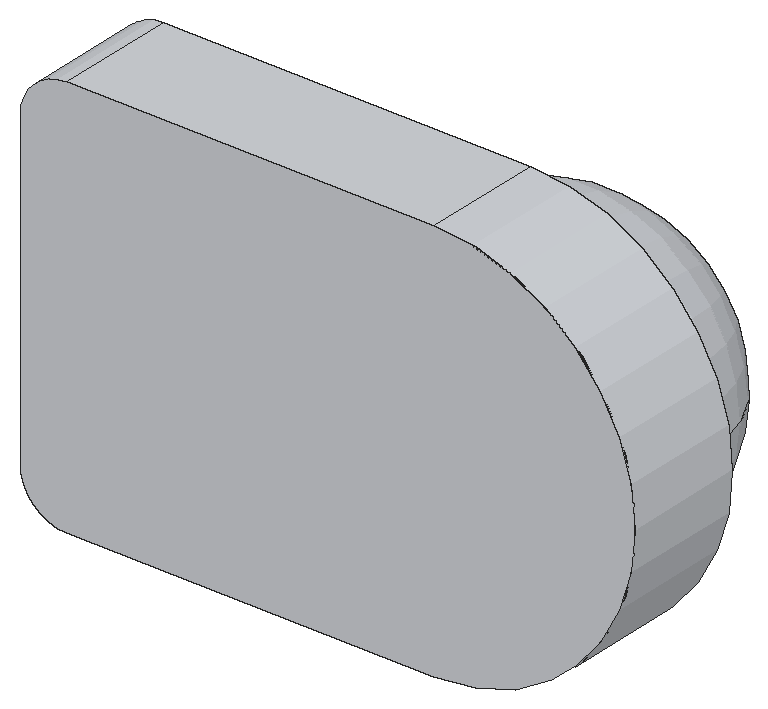
Revit family "252500.05 OSID Sender normal effekt Vegg", category Fire Alarm Devices, Revit 2016
Family settings
  Maintain Annotation Orientation = No
  Part Type = Normal
  Round Connector Dimension = Use Diameter
  OmniClass Number = 23.85.30.21.11.11.11
  OmniClass Title = Smoke Detectors
  Work Plane-Based = No
  Always vertical = Yes
  Cut with Voids When Loaded = No
  Shared = No
  Room Calculation Point = No
Parameters (values of type "Linjedetektor sender")
  Type Comments = "-RY"
  R = CQ Width / 2  # 65 mm
  NVMottaker = no
  NS8360 = "5423_XN3"
  Manufacturer = "Honeywell"
  Keynote = "XN3"
  H1 = R - 10 mm  # 55 mm
  CQ Høyre = no
  CQFontSymboler = "w"
  CQ Venstre = not(CQ Høyre)  # yes
  CQ Type tekst synlig = yes
  CQ Type = "LD"
  CQ Montering tekst synlig [instance] = no
  CQ Montering [instance] = "HIM"
  CQ Material = none
  CQ Width = 130 mm
  CQ Height = 94 mm
  CQ Length = 198 mm
  CQ Coverage Circle Radius = 70000 mm
  CQ Symbol Positive Direction [instance] = yes
  CQ Symbol Offset Side [instance] = 0 mm
  CQ Symbol Offset Out [instance] = 0 mm
  CQ Coverage Circle = no
  CQ 3D Synlig = not(CQ 2D Synlig)  # no
  CQ 2D Synlig = yes
  Assembly Code = "5423"
Reference planes
  plane 1 "Center (Front/Back)": y = 0
  plane 2: z = 0
  plane 3 "Center (Left/Right)": x = 0
  plane 4 "høyre": x = 99
  plane 5 "Venstre": x = -99
  plane 6: x = 89
  plane 7: x = 34
  plane 8: y = 39
  plane 9: z = 65
  plane 10: z = -65
  plane 11: y = 94
Forms (mm)
  Extrusion 1, solid, material <- "CQ Material"
    sketch origin (0, 0, 0) x (1, 0, 0) y (0, 0, 1)
      loop
        arc (-84, 65) -> (-94.607, 60.607) -> (-99, 50) r 15
        line (-99, 50) -> (-99, -50)
        arc (-99, -50) -> (-94.607, -60.607) -> (-84, -65) r 15
        line (-84, -65) -> (34, -65)
        arc (34, -65) -> (99, 0) -> (34, 65) r 65
        line (34, 65) -> (-84, 65)
    from 0 to -39
  Revolve 2, solid, material <- "CQ Material"
    sketch origin (0, 0, 0) x (1, 0, 0) y (0, 1, 0)
      loop
        line (34, 94) -> (34, 39) -> (89, 39)
        arc (89, 39) -> (72.891, 77.891) -> (34, 94) r 55
      axis (34, 94) -> (34, 39)
    angle from 0 to 360
Cuts and joins
  joined: Extrusion 1, Revolve 2
Lines and regions (mm)
  model lines, style "InvisibleLines"
    curve 1: line (0, 0, 0) -> (0, 0, 5)
    curve 2: line (0, 0, 0) -> (0, -5, 0)
Dimensions and locks
  equal spacing: plane 5 "Venstre", plane 3 "Center (Left/Right)", plane 4 "høyre"  (x2)
  "CQ Length": plane 5 "Venstre" to plane 4 "høyre"
  "H1": plane 6 to plane 7
  locked: plane 6 to plane 4 "høyre" at 10
  equal spacing: plane 10, level, plane 9
  "CQ Width": plane 10 to plane 9
  "H1": plane 8 to plane 11
  "CQ Height": plane 1 "Center (Front/Back)" to plane 11
  "R": radius of Extrusion 1 sketch curve
  radius of Extrusion 1 sketch curve = 15 mm  (x2)
  aligned and locked: level to plane 2
  aligned and locked: plane 3 "Center (Left/Right)" to nested 1
  aligned and locked: plane 1 "Center (Front/Back)" to nested 1
  aligned and locked: nested 2 to plane 3 "Center (Left/Right)"
  aligned and locked: nested 2 to plane 1 "Center (Front/Back)"
  aligned and locked: level to curve 1
  aligned and locked: plane 3 "Center (Left/Right)" to curve 1
  aligned and locked: plane 5 "Venstre" to Extrusion 1 sketch curve
  aligned and locked: plane 9 to Extrusion 1 sketch curve
  aligned and locked: Extrusion 1 sketch curve to plane 10
  aligned and locked: plane 8 to Extrusion 1
  aligned and locked: Revolve 2 sketch curve to plane 7
  aligned and locked: Revolve 2 sketch curve to plane 8
  aligned and locked: plane 7 to Extrusion 1 sketch curve
Automatic sketch dimensions
  level to curve 1 = 5 mm
  plane 1 "Center (Front/Back)" to curve 2 = 0 mm
  curve 2 to plane 3 "Center (Left/Right)" = 0 mm
  plane 1 "Center (Front/Back)" to curve 2 = 5 mm
  Revolve 2 sketch curve to plane 7 = 0 mm
  Revolve 2 sketch curve to plane 6 = 0 mm
  plane 11 to Revolve 2 sketch curve = 115 mm
  Revolve 2 sketch curve to Revolve 2 sketch curve = 35 mm
Nested families
  nested 1: "Linjedetektor Symbol" at (0, 0, 0), visible <- "CQ 2D Synlig", type "Type 1"
  nested 2: "Coverage Circle" at (0, 0, 0), visible <- "CQ Coverage Circle", type "Type 1"
Connectors
  electrical at (0, 0, 0)
    settings: index 1, voltage 0 V, apparent load 0 VA, apparent load phase1 0 VA, apparent load phase2 0 VA, apparent load phase3 0 VA, power factor 1, load classification "Other", number of poles 1, system type 11, power factor state 1, is connector primary yes, connector utility no, sub classification motor no, connector description ""
Definition of nested family "Linjedetektor Symbol"
  Parameters (values of type "Type 1")
    Type tekst synlig = yes
    Type = "LD"
    Sender = not(Mottaker)  # no
    Mottaker = yes
    Montering tekst synlig = no
    Montering = "HIM"
    CQ Symbol Positive Direction = yes
    CQ Symbol Negative Direction = not(CQ Symbol Positive Direction)  # no
    CQ Symbol Offset Side = 0 mm
    CQ Symbol Offset Out = 0 mm
  Reference planes
    plane 1: y = 0
    plane 2: x = 0
  Dimensions and locks
    "CQ Symbol Offset Side": nested 2 to plane 2
    "CQ Symbol Offset Side": plane 2 to nested 1
    "CQ Symbol Offset Out": plane 1 to nested 1
    "CQ Symbol Offset Out": plane 1 to nested 2
  Nested families
    nested 1: "Linjedetektor Sub" at (0, 0, 0), visible <- "CQ Symbol Positive Direction", type "Type1"
    nested 2: "Linjedetektor Sub" at (0, 0, 0), visible <- "CQ Symbol Negative Direction", type "Type1"
  Definition of nested family "Linjedetektor Sub"
    Parameters (values of type "Type1")
      Type tekst synlig = yes
      Type = "LD"
      Sender = yes
      Mottaker = yes
      Montering tekst synlig = no
      Montering = "HIM"
    Reference planes
      plane 1: y = 0
      plane 2: x = 0
    Lines and regions (mm)
      detail lines
        curve 1: line (-2.5, -2.5, 0) -> (2.5, -2.5, 0)
        curve 2: line (2.5, -2.5, 0) -> (2.5, 2.5, 0)
        curve 3: line (2.5, 2.5, 0) -> (-2.5, 2.5, 0)
        curve 4: line (-2.5, 2.5, 0) -> (-2.5, -2.5, 0)
        curve 5: circle (-1.25, -1.5, 0) r 0.25 normal (0, 0, 1)
        curve 6: line (-1.25, -0.75, 0) -> (-1, 1.5, 0)
        curve 7: arc (-1, 1.5, 0) -> (-1.25, 1.75, 0) -> (-1.5, 1.5, 0) r 0.25
        curve 8: line (-1.5, 1.5, 0) -> (-1.25, -0.75, 0)
        curve 9: line (-1.25, 0.5, 0) -> (-1.25, 1.5, 0)
        curve 13: line (1.25, -0.83, 0) -> (2, 0.469, 0)
        curve 14: line (1.25, -0.83, 0) -> (0.5, 0.469, 0)
        curve 15: arc (0.189, 0.231, 0) -> (1.25, 0.67, 0) -> (2.311, 0.231, 0) r 1.5
      detail lines, visible <- "Type tekst synlig"
        curve 10: line (-2.5, -4.5, 0) -> (2.5, -4.5, 0)
        curve 11: line (-2.5, -4.5, 0) -> (-2.5, -2.5, 0)
        curve 12: line (2.5, -4.5, 0) -> (2.5, -2.5, 0)
      detail lines, visible <- "Sender"
        curve 16: line (0.198, 1.5, 0) -> (2.298, 1.5, 0)
        curve 17: line (2.298, 1.5, 0) -> (1.396, 2.021, 0)
        curve 18: line (2.298, 1.5, 0) -> (1.396, 0.979, 0)
      detail lines, visible <- "Mottaker"
        curve 19: line (2.298, -1.5, 0) -> (0.198, -1.5, 0)
        curve 20: line (0.198, -1.5, 0) -> (1.101, -2.021, 0)
        curve 21: line (0.198, -1.5, 0) -> (1.101, -0.979, 0)
    Nested families
      nested 1: "txt 1_50" at (3.379, 2.424, 0), visible <- "Montering tekst synlig", Type Name <- "Montering", type "txt"
      nested 2: "txt 1_50" at (-1.901, -3.637, 0), visible <- "Type tekst synlig", Type Name <- "Type", type "txt"
        with Type Name "LD"
    Definition of nested family "txt 1_50"
      Parameters (values of type "txt")
        Type Name [instance] = "HIM"
      Reference planes
        plane 1: y = 0
        plane 2: x = 0
      Text (mm)
        label "TXT" at (1.952, 0, 0), shows "Type Name"
Definition of nested family "Coverage Circle"
  Parameters
    Radius = 3250 mm
  Reference planes
    plane 1 "Center (Front/Back)": y = 0
    plane 2: z = 0
    plane 3 "Center (Left/Right)": x = 0
  Lines and regions (mm)
    detail lines, in view "Ref. Level"
      curve 1: circle (0, 0, 0) r 3250 normal (0, 0, 1)
  Dimensions and locks
    "Radius": radius of curve 1
    aligned and locked: plane 1 "Center (Front/Back)" to curve 1
    aligned and locked: plane 3 "Center (Left/Right)" to curve 1
